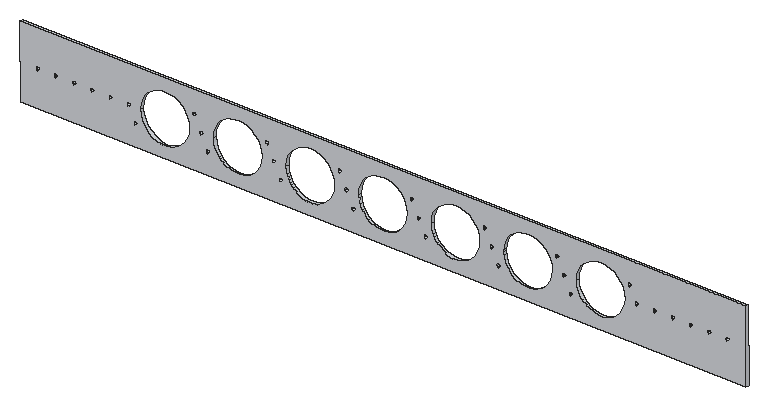
Revit family
Reference planes (in)
  plane 1 "Center (Front/Back)": y = 0
  plane 2: z = 0
  plane 3 "Center (Left/Right)": x = 0
Forms (in)
  Extrusion 1, solid
    sketch origin (3, 0, 0) x (1, 0, 0) y (0, 0, 1)
      loop
        line (-13, 2) -> (-13, 0) -> (7, 0) -> (7, 2) -> (-13, 2)
    from 0 to 0.0747
  Extrusion 2, void
    sketch origin (3, 0, 0) x (1, 0, 0) y (0, 0, 1)
      loop
        circle (-12.5, 1) r 0.0469
    from 0 to 0.0747
  Extrusion 3, void
    sketch origin (3.5, 0, 0) x (1, 0, 0) y (0, 0, 1)
      loop
        circle (-12.5, 1) r 0.0469
    from 0 to 0.0747
  Extrusion 4, void
    sketch origin (4, 0, 0) x (1, 0, 0) y (0, 0, 1)
      loop
        circle (-12.5, 1) r 0.0469
    from 0 to 0.0747
  Extrusion 5, void
    sketch origin (5.5, 0, 0) x (1, 0, 0) y (0, 0, 1)
      loop
        circle (-12.5, 1) r 0.0469
    from 0 to 0.0747
  Extrusion 6, void
    sketch origin (5.69, 0, -0.4) x (1, 0, 0) y (0, 0, 1)
      loop
        circle (-12.5, 1) r 0.0469
    from 0 to 0.0747
  Extrusion 7, void
    sketch origin (7.5, 0, 0) x (1, 0, 0) y (0, 0, 1)
      loop
        circle (-12.5, 1) r 0.0469
    from 0 to 0.0747
  Extrusion 8, void
    sketch origin (7.69, 0, -0.4) x (1, 0, 0) y (0, 0, 1)
      loop
        circle (-12.5, 1) r 0.0469
    from 0 to 0.0747
  Extrusion 9, void
    sketch origin (7.31, 0, 0.4) x (1, 0, 0) y (0, 0, 1)
      loop
        circle (-12.5, 1) r 0.0469
    from 0 to 0.0747
  Extrusion 10, void
    sketch origin (1.63784, 0, 0) x (1, 0, 0) y (0, 0, 1)
      loop
        circle (-7.63784, 1) r 0.672
    from 0 to 0.0747
  Extrusion 11, void
    sketch origin (9.5, 0, 0) x (1, 0, 0) y (0, 0, 1)
      loop
        circle (-12.5, 1) r 0.0469
    from 0 to 0.0747
  Extrusion 12, void
    sketch origin (9.69, 0, -0.4) x (1, 0, 0) y (0, 0, 1)
      loop
        circle (-12.5, 1) r 0.0469
    from 0 to 0.0747
  Extrusion 13, void
    sketch origin (9.31, 0, 0.4) x (1, 0, 0) y (0, 0, 1)
      loop
        circle (-12.5, 1) r 0.0469
    from 0 to 0.0747
  Extrusion 14, void
    sketch origin (11.5, 0, 0) x (1, 0, 0) y (0, 0, 1)
      loop
        circle (-12.5, 1) r 0.0469
    from 0 to 0.0747
  Extrusion 15, void
    sketch origin (11.69, 0, -0.4) x (1, 0, 0) y (0, 0, 1)
      loop
        circle (-12.5, 1) r 0.0469
    from 0 to 0.0747
  Extrusion 16, void
    sketch origin (11.31, 0, 0.4) x (1, 0, 0) y (0, 0, 1)
      loop
        circle (-12.5, 1) r 0.0469
    from 0 to 0.0747
  Extrusion 17, void
    sketch origin (13.5, 0, 0) x (1, 0, 0) y (0, 0, 1)
      loop
        circle (-12.5, 1) r 0.0469
    from 0 to 0.0747
  Extrusion 18, void
    sketch origin (13.69, 0, -0.4) x (1, 0, 0) y (0, 0, 1)
      loop
        circle (-12.5, 1) r 0.0469
    from 0 to 0.0747
  Extrusion 19, void
    sketch origin (13.31, 0, 0.4) x (1, 0, 0) y (0, 0, 1)
      loop
        circle (-12.5, 1) r 0.0469
    from 0 to 0.0747
  Extrusion 20, void
    sketch origin (19.5, 0, 0) x (1, 0, 0) y (0, 0, 1)
      loop
        circle (-12.5, 1) r 0.0469
    from 0 to 0.0747
  Extrusion 21, void
    sketch origin (19.31, 0, 0.4) x (1, 0, 0) y (0, 0, 1)
      loop
        circle (-12.5, 1) r 0.0469
    from 0 to 0.0747
  Extrusion 22, void
    sketch origin (3.63784, 0, 0) x (1, 0, 0) y (0, 0, 1)
      loop
        circle (-7.63784, 1) r 0.672
    from 0 to 0.0747
  Extrusion 23, void
    sketch origin (5.63784, 0, 0) x (1, 0, 0) y (0, 0, 1)
      loop
        circle (-7.63784, 1) r 0.672
    from 0 to 0.0747
  Extrusion 24, void
    sketch origin (7.63784, 0, 0) x (1, 0, 0) y (0, 0, 1)
      loop
        circle (-7.63784, 1) r 0.672
    from 0 to 0.0747
  Extrusion 25, void
    sketch origin (-3, 0, 0) x (-1, 0, 0) y (0, 0, -1)
      loop
        circle (-12.5, -1) r 0.0469
    from 0 to 0.0747
  Extrusion 26, void
    sketch origin (-3.5, 0, 0) x (-1, 0, 0) y (0, 0, -1)
      loop
        circle (-12.5, -1) r 0.0469
    from 0 to 0.0747
  Extrusion 27, void
    sketch origin (-4, 0, 0) x (-1, 0, 0) y (0, 0, -1)
      loop
        circle (-12.5, -1) r 0.0469
    from 0 to 0.0747
  Extrusion 28, void
    sketch origin (4.5, 0, 0) x (1, 0, 0) y (0, 0, 1)
      loop
        circle (-12.5, 1) r 0.0469
    from 0 to 0.0747
  Extrusion 29, void
    sketch origin (5, 0, 0) x (1, 0, 0) y (0, 0, 1)
      loop
        circle (-12.5, 1) r 0.0469
    from 0 to 0.0747
  Extrusion 30, void
    sketch origin (15.5, 0, 0) x (1, 0, 0) y (0, 0, 1)
      loop
        circle (-12.5, 1) r 0.0469
    from 0 to 0.0747
  Extrusion 31, void
    sketch origin (15.69, 0, -0.4) x (1, 0, 0) y (0, 0, 1)
      loop
        circle (-12.5, 1) r 0.0469
    from 0 to 0.0747
  Extrusion 32, void
    sketch origin (15.31, 0, 0.4) x (1, 0, 0) y (0, 0, 1)
      loop
        circle (-12.5, 1) r 0.0469
    from 0 to 0.0747
  Extrusion 33, void
    sketch origin (9.63784, 0, 0) x (1, 0, 0) y (0, 0, 1)
      loop
        circle (-7.63784, 1) r 0.672
    from 0 to 0.0747
  Extrusion 34, void
    sketch origin (17.5, 0, 0) x (1, 0, 0) y (0, 0, 1)
      loop
        circle (-12.5, 1) r 0.0469
    from 0 to 0.0747
  Extrusion 35, void
    sketch origin (17.69, 0, -0.4) x (1, 0, 0) y (0, 0, 1)
      loop
        circle (-12.5, 1) r 0.0469
    from 0 to 0.0747
  Extrusion 36, void
    sketch origin (17.31, 0, 0.4) x (1, 0, 0) y (0, 0, 1)
      loop
        circle (-12.5, 1) r 0.0469
    from 0 to 0.0747
  Extrusion 37, void
    sketch origin (11.63784, 0, 0) x (1, 0, 0) y (0, 0, 1)
      loop
        circle (-7.63784, 1) r 0.672
    from 0 to 0.0747
  Extrusion 38, void
    sketch origin (13.63784, 0, 0) x (1, 0, 0) y (0, 0, 1)
      loop
        circle (-7.63784, 1) r 0.672
    from 0 to 0.0747
  Extrusion 39, void
    sketch origin (-4.5, 0, 0) x (-1, 0, 0) y (0, 0, -1)
      loop
        circle (-12.5, -1) r 0.0469
    from 0 to 0.0747
  Extrusion 40, void
    sketch origin (-5, 0, 0) x (-1, 0, 0) y (0, 0, -1)
      loop
        circle (-12.5, -1) r 0.0469
    from 0 to 0.0747
Cuts and joins
  Extrusion 2, Extrusion 3, Extrusion 4, Extrusion 5, Extrusion 6, Extrusion 7, Extrusion 8, Extrusion 9, Extrusion 10, Extrusion 11, Extrusion 12, Extrusion 13, Extrusion 14, Extrusion 15, Extrusion 16, Extrusion 17, Extrusion 18, Extrusion 19, Extrusion 20, Extrusion 21, Extrusion 22, Extrusion 23, Extrusion 24, Extrusion 25, Extrusion 26, Extrusion 27, Extrusion 28, Extrusion 29, Extrusion 30, Extrusion 31, Extrusion 32, Extrusion 33, Extrusion 34, Extrusion 35, Extrusion 36, Extrusion 37, Extrusion 38, Extrusion 39, Extrusion 40 cuts Extrusion 1
Dimensions and locks (in)
  aligned and locked: plane 2 to level
  aligned and locked: Extrusion 2 to plane 1 "Center (Front/Back)"
  aligned and locked: Extrusion 1 to Extrusion 2
  aligned and locked: Extrusion 4 to plane 1 "Center (Front/Back)"
  aligned and locked: Extrusion 3 to plane 1 "Center (Front/Back)"
  aligned and locked: Extrusion 1 to Extrusion 3
  aligned and locked: Extrusion 1 to Extrusion 6
  aligned and locked: Extrusion 8 to plane 1 "Center (Front/Back)"
  aligned and locked: Extrusion 1 to Extrusion 8
  aligned and locked: Extrusion 7 to plane 1 "Center (Front/Back)"
  aligned and locked: Extrusion 1 to Extrusion 7
  aligned and locked: Extrusion 9 to plane 1 "Center (Front/Back)"
  aligned and locked: Extrusion 1 to Extrusion 9
  aligned and locked: Extrusion 6 to plane 1 "Center (Front/Back)"
  aligned and locked: Extrusion 10 to plane 1 "Center (Front/Back)"
  aligned and locked: Extrusion 1 to Extrusion 10
